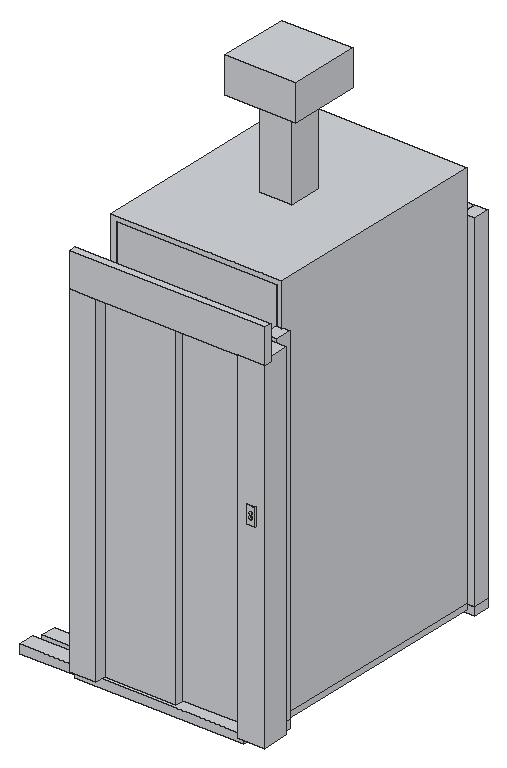
Revit family "Elevador - Entrada frontal e posterior", category Equipamento especial, Revit 2019
Family settings
  Hospedeiro = Parede
  Cota do conector redondo = Utilizar diâmetro
  Tipo de parte = Normal
  Sempre na vertical = Sim
  Corte com vazios quando carregada = Não
  Compartilhado = Não
  Ponto de cálculo do ambiente = Não
Parameters (values of type "1450 x 1760mm")
  Altura de parada [instance] = 0 mm
  Largura de abertura do poço [instance] = 1450 mm
  Profundidade de abertura do poço [instance] = 1760 mm
  Altura da última parada [instance] = 3000 mm
  Material da moldura = none
  Largura da abertura da porta = 1100 mm
  Altura da abertura da porta = 2125 mm
  Material da porta = none
  Descrição = "Elevador - Entrada frontal e posterior"
  Material da cabine = none
  Projeção da altura livre [instance] = 1700 mm
  Altura da cabine = Altura da abertura da porta + 75 mm  # 2200 mm
Reference planes
  plane 1: y = 0
  plane 2 "Centro (Esquerda/Direita)": x = 125
  plane 3 "Parte posterior": y = 75
  plane 4: z = 0
  plane 5: z = 0
  plane 6: z = 3000
  plane 7: z = 4700
  plane 8: x = -775
  plane 9: x = 675
  plane 10: y = 1835
  plane 11: x = -425
Lines and regions (mm)
  symbolic lines, style "InvisibleLines"
    curve 1: line (-775, 1835, 0) -> (675, 1835, 0)
    curve 2: line (-775, 75, 0) -> (-775, 1835, 0)
    curve 3: line (675, 1835, 0) -> (675, 75, 0)
Text (mm)
  text "Lado da colocação" at (-3123.189, 916.262, 0), in view "Nível de referência"
  text "Lado da colocação" at (0, 1605.175, 2923.955), in view "Esquerda"
  text "Lado da colocação" at (0, 595.982, 3004.978), in view "Direita"
Dimensions and locks
  locked: plane 3 "Parte posterior" to host wall at 0
  locked: plane 4 to level
  "Altura de parada": plane 4 to plane 5
  "Projeção da altura livre": plane 6 to plane 7
  "Altura da última parada": plane 4 to plane 6
  "Largura de abertura do poço": plane 8 to plane 9
  "Profundidade de abertura do poço": plane 10 to plane 3 "Parte posterior"
  equal spacing: plane 11, plane 2 "Centro (Esquerda/Direita)", plane 9
  "Largura da abertura da porta": plane 11 to plane 9
  aligned and locked: plane 1 to host wall
  aligned and locked: plane 3 "Parte posterior" to nested 1
  aligned and locked: plane 4 to nested 1
  aligned and locked: plane 8 to curve 2
  aligned and locked: curve 1 to plane 10
  aligned and locked: curve 3 to plane 9
  aligned and locked: nested 2 to nested 1
  aligned and locked: plane 2 "Centro (Esquerda/Direita)" to nested 2
Automatic sketch dimensions
  curve 2 to host wall = 0 mm
  curve 3 to host wall = 0 mm
Nested families
  nested 1: "Cabine do elevador - Entrada frontal e posterior" at (125, 75, 0), type "Cabine do elevador - Entrada frontal e posterior"
  nested 2: "Porta do elevador" at (0, 0, 0), Largura da abertura da porta <- "Largura da abertura da porta", Altura da abertura da porta <- "Altura da abertura da porta", type "Porta do elevador"
    with W1 475 mm, Largura da abertura da porta 1100 mm, Altura da abertura da porta 2125 mm
Definition of nested family "Cabine do elevador - Entrada frontal e posterior"
  Parameters
    W2 = Altura de parada + 700 mm  # 700 mm
    W1 = 0.5 * Largura da abertura da porta - 100 mm  # 450 mm
    Altura de parada = 0 mm
    Largura de abertura do poço = 1450 mm
    Profundidade de abertura do poço = 1760 mm
    Altura da última parada = 3000 mm
    Material da moldura = none
    Largura da abertura da porta = 1100 mm
    Altura da abertura da porta = 2125 mm
    Material da porta = none
    Projeção da altura livre = 1700 mm
    Material da cabine = none
    Altura da cabine = Altura da abertura da porta + 75 mm  # 2200 mm
  Reference planes
    plane 1 "Centro (Frente/Trás)": y = 0
    plane 2: z = 0
    plane 3 "Centro (Esquerda/Direita)": x = 0
    plane 4: y = 140
    plane 5: y = 1760
    plane 6: y = 1620
    plane 7: x = -900
    plane 8: x = 475
    plane 9: y = 230
    plane 10: y = 1530
    plane 11: x = -550
    plane 12: x = 550
    plane 13: x = -850
    plane 14: x = -400
    plane 15: x = 400
    plane 16: x = -500
    plane 17: x = 432
    plane 18: x = -532
    plane 19: z = 3000
    plane 20: z = 0
    plane 21: z = 4700
    plane 22: z = 2200
    plane 23: y = 1600
    plane 24: y = 1550
    plane 25: y = 1580
    plane 26: y = 1570
    plane 27: y = 160
    plane 28: y = 210
    plane 29: y = 180
    plane 30: y = 190
    plane 31: z = 1960
    plane 32: z = 32
    plane 33: z = 2168
    plane 34: z = 1930
    plane 35: y = 262
    plane 36: y = 1498
    plane 37: z = -48
    plane 38: z = -32
    plane 39: y = 1660
    plane 40: y = 100
    plane 41: z = 2900
    plane 42: y = 880
    plane 43: z = -282
    plane 44: z = 2700
    plane 45: z = -82
    plane 46: x = 150
    plane 47: x = -250
    plane 48: x = 40
    plane 49: x = -140
    plane 50: x = -50
    plane 51: x = 620.79
    plane 52: z = 4000
    plane 53: x = -779.822
    plane 54: y = 180
    plane 55: y = 1580
    plane 56: z = 5957
    plane 57: y = 1423
    plane 58: y = 943.5
    plane 59: y = 280
    plane 60: y = 1480
  Forms (mm)
    Extrusion 1, solid, material <- "Material da moldura"
      sketch origin (0, 0, 0) x (1, 0, 0) y (0, 1, 0)
        loop
          line (400, 230) -> (400, 140) -> (475, 140) -> (475, 230) -> (400, 230)
        loop
          line (400, 1620) -> (400, 1530) -> (475, 1530) -> (475, 1620) -> (400, 1620)
      from 0 to 1960
    Extrusion 2, solid, material <- "Material da porta"
      sketch origin (0, 0, 0) x (1, 0, 0) y (0, 1, 0)
        loop
          line (0, 230) -> (-400, 230) -> (-400, 190) -> (0, 190) -> (0, 230)
        loop
          line (0, 180) -> (0, 140) -> (400, 140) -> (400, 180) -> (0, 180)
        loop
          line (-400, 1570) -> (-400, 1530) -> (0, 1530) -> (0, 1570) -> (-400, 1570)
        loop
          line (400, 1580) -> (400, 1620) -> (0, 1620) -> (0, 1580) -> (400, 1580)
      from 0 to 1960
    Extrusion 3, solid, material <- "Material da cabine"
      sketch origin (0, 0, 0) x (1, 0, 0) y (0, 1, 0)
        loop
          line (-532, 1530) -> (-532, 230) -> (-500, 230) -> (-500, 1530) -> (-532, 1530)
        loop
          line (400, 1530) -> (400, 230) -> (432, 230) -> (432, 1530) -> (400, 1530)
      from 0 to 2200
    Extrusion 4, solid, material <- "Material da cabine"
      sketch origin (0, 0, 0) x (1, 0, 0) y (0, 0, 1)
        loop
          line (-532, 2168) -> (432, 2168) -> (432, 2200) -> (-532, 2200) -> (-532, 2168)
        loop
          line (-532, 0) -> (432, 0) -> (432, 32) -> (-532, 32) -> (-532, 0)
      from -1530 to -230
    Extrusion 5, solid, material <- "Material da cabine"
      sketch origin (0, 0, 0) x (0, 1, 0) y (0, 0, 1)
        loop
          line (230, 2168) -> (230, 1930) -> (262, 1930) -> (262, 2168) -> (230, 2168)
        loop
          line (1498, 2168) -> (1498, 1930) -> (1530, 1930) -> (1530, 2168) -> (1498, 2168)
      from -500 to 400
    Extrusion 6, solid, material <- "Material da moldura", detail levels medium+fine
      sketch origin (0, 0, 0) x (1, 0, 0) y (0, 1, 0)
        loop
          line (-850, 1620) -> (-850, 1530) -> (475, 1530) -> (475, 1620) -> (-850, 1620)
        loop
          line (-850, 230) -> (-850, 140) -> (475, 140) -> (475, 230) -> (-850, 230)
      from -48 to 0
    Extrusion 7, solid, material <- "Material da cabine", detail levels medium+fine
      sketch origin (0, 0, 0) x (0, 1, 0) y (0, 0, 1)
        loop
          line (230, 0) -> (230, -32) -> (1530, -32) -> (1530, 0) -> (230, 0)
      from -532 to 432
    Extrusion 8, solid, material <- "Material da moldura", detail levels coarse+medium
      sketch origin (4267.2, 880, 3892.286) x (0, 0, 1) y (1, 0, 0)
        loop
          line (-992.286, -4227.2) -> (-1692.286, -4227.2) -> (-1692.286, -4407.2) -> (-992.286, -4407.2) -> (-992.286, -4227.2)
      from -90 to 90
    Extrusion 9, solid, material <- "Material da moldura", detail levels fine
      sketch origin (4267.2, 880, 3892.286) x (0, 0, 1) y (1, 0, 0)
        loop
          line (-3924.286, -4227.2) -> (-4174.286, -4227.2) -> (-4174.286, -4407.2) -> (-3924.286, -4407.2) -> (-3924.286, -4227.2)
        loop
          line (-992.286, -4407.2) -> (-992.286, -4227.2) -> (-1692.286, -4227.2) -> (-1692.286, -4407.2) -> (-992.286, -4407.2)
      from -90 to 90
    Extrusion 10, solid, material <- "Material da moldura", detail levels fine
      sketch origin (4267.2, 880, 3892.286) x (0, 0, 1) y (1, 0, 0)
        loop
          line (-992.286, -4517.2) -> (-992.286, -4117.2) -> (-1192.286, -4117.2) -> (-1192.286, -4517.2) -> (-992.286, -4517.2)
        loop
          line (-3974.286, -4517.2) -> (-3974.286, -4117.2) -> (-4174.286, -4117.2) -> (-4174.286, -4517.2) -> (-3974.286, -4517.2)
      from -200 to 200
    Extrusion 11, solid, material <- "Material da cabine", detail levels medium
      sketch origin (4267.2, 880, 3892.286) x (0, 0, 1) y (1, 0, 0)
        loop
          line (-3924.286, -4407.2) -> (-3924.286, -4227.2) -> (-4174.286, -4227.2) -> (-4174.286, -4407.2) -> (-3924.286, -4407.2)
      from -90 to 90
    Extrusion 12, solid, material <- "Material da cabine", detail levels coarse
      sketch origin (0, 0, 0) x (1, 0, 0) y (0, 1, 0)
        loop
          line (-532, 1620) -> (-532, 140) -> (475, 140) -> (475, 230) -> (432, 230) -> (432, 1530) -> (475, 1530) -> (475, 1620) -> (-532, 1620)
      from -32 to 0
  Cuts and joins
    joined: Extrusion 9, Extrusion 10
    joined: Extrusion 3, Extrusion 4
  Lines and regions (mm)
    Masking region 1, detail levels medium+fine
      outline origin (0, 0, 0) x (1, 0, 0) y (0, 1, 0)
        loop
          line (-850, 1620) -> (-850, 1530) -> (-532, 1530) -> (-532, 230) -> (-850, 230) -> (-850, 140) -> (475, 140) -> (475, 230) -> (432, 230) -> (432, 1530) -> (475, 1530) -> (475, 1620) -> (-850, 1620)
    Masking region 2, detail levels coarse
      outline origin (0, 0, 0) x (1, 0, 0) y (0, 1, 0)
        loop
          line (-532, 1660) -> (-532, 100) -> (475, 100) -> (475, 1660) -> (-532, 1660)
    Masking region 3, detail levels fine
      outline origin (6392.684, 0, -1679.226) x (1, 0, 0) y (0, 0, 1)
        loop
          line (-5826.083, 8233.352) -> (-5961.554, 8233.352) -> (-5961.554, 8057.413) -> (-6156.497, 8057.413) -> (-6156.497, 7989.744) -> (-5961.554, 7989.744) -> (-5961.554, 7800.271) -> (-6155.416, 7800.271) -> (-6155.416, 7231.853) -> (-5771.894, 7231.853) -> (-5771.894, 7096.516) -> (-5704.159, 7096.516) -> (-5704.159, 7150.65) -> (-5622.876, 7150.65) -> (-5622.876, 7204.786) -> (-5528.046, 7204.786) -> (-5528.046, 7272.455) -> (-5622.876, 7272.455) -> (-5622.876, 7380.724) -> (-5704.159, 7380.724) -> (-5704.159, 7448.394) -> (-5771.894, 7448.394) -> (-5771.894, 7800.271) -> (-5826.083, 7800.271) -> (-5826.083, 8233.352)
        loop
          line (-7172.684, 6514.564) -> (-7225.639, 6514.564) -> (-7225.639, 6473.963) -> (-7172.684, 6473.963) -> (-7172.684, 6514.564)
        loop
          line (-5771.894, 6514.564) -> (-5771.894, 6379.226) -> (-5446.763, 6379.226) -> (-5446.763, 6408.178) -> (-5541.593, 6408.178) -> (-5541.593, 6473.963) -> (-5433.216, 6473.963) -> (-5433.216, 6514.564) -> (-5771.894, 6514.564)
        loop
          line (-7172.684, 6406.294) -> (-7225.639, 6406.294) -> (-7225.639, 6379.226) -> (-7172.684, 6379.226) -> (-7172.684, 6406.294)
    Masking region 4
      outline origin (6392.684, 0, -1679.226) x (1, 0, 0) y (0, 0, 1)
        loop
          circle (-6807.506, 7637.093) r 365
    Masking region 5, detail levels medium+fine
      outline origin (6392.684, 0, -1679.226) x (1, 0, 0) y (0, 0, 1)
        loop
          line (-5771.894, 7231.853) -> (-6534.736, 7231.853) -> (-6624.29, 7321.408)
          arc (-6624.29, 7321.408) -> (-6725.523, 7281.419) -> (-6834.046, 7273.059) r 365
          line (-6834.046, 7273.059) -> (-6927.603, 7096.516) -> (-6927.603, 6514.564) -> (-7172.684, 6514.564) -> (-7172.684, 6379.226) -> (-6492.005, 6379.226)
          arc (-6492.005, 6379.226) -> (-6277.887, 6008.475) -> (-6063.768, 6379.226) r 247.205
          line (-6063.768, 6379.226) -> (-5771.894, 6379.226) -> (-5771.894, 6676.969) -> (-5934.46, 6676.969) -> (-5934.46, 6785.239) -> (-5771.894, 6785.239) -> (-5771.894, 7231.853)
    Masking region 6, detail levels medium
      outline origin (0, 0, 0) x (1, 0, 0) y (0, 0, 1)
        loop
          line (620.79, 5106.013) -> (458.224, 5106.013) -> (458.224, 4997.743) -> (620.79, 4997.743) -> (620.79, 5106.013)
    Masking region 7, not visible, detail levels fine
      outline origin (6392.684, 0, -1263.187) x (1, 0, 0) y (0, 0, 1)
        loop
          line (-5826.083, 8233.352) -> (-5961.554, 8233.352) -> (-5961.554, 8057.413) -> (-6156.497, 8057.413) -> (-6156.497, 7989.744) -> (-5961.554, 7989.744) -> (-5961.554, 7800.271) -> (-6155.416, 7800.271) -> (-6155.416, 7231.853) -> (-5771.894, 7231.853) -> (-5771.894, 7096.516) -> (-5704.159, 7096.516) -> (-5704.159, 7150.65) -> (-5622.876, 7150.65) -> (-5622.876, 7204.786) -> (-5528.046, 7204.786) -> (-5528.046, 7272.455) -> (-5622.876, 7272.455) -> (-5622.876, 7380.724) -> (-5704.159, 7380.724) -> (-5704.159, 7448.394) -> (-5771.894, 7448.394) -> (-5771.894, 7800.271) -> (-5826.083, 7800.271) -> (-5826.083, 8233.352)
        loop
          line (-7172.684, 6514.564) -> (-7225.639, 6514.564) -> (-7225.639, 6473.963) -> (-7172.684, 6473.963) -> (-7172.684, 6514.564)
        loop
          line (-5771.894, 6514.564) -> (-5771.894, 6379.226) -> (-5446.763, 6379.226) -> (-5446.763, 6408.178) -> (-5541.593, 6408.178) -> (-5541.593, 6473.963) -> (-5433.216, 6473.963) -> (-5433.216, 6514.564) -> (-5771.894, 6514.564)
        loop
          line (-7172.684, 6406.294) -> (-7225.639, 6406.294) -> (-7225.639, 6379.226) -> (-7172.684, 6379.226) -> (-7172.684, 6406.294)
    Masking region 8, not visible
      outline origin (6392.684, 0, -1263.187) x (1, 0, 0) y (0, 0, 1)
        loop
          circle (-6807.506, 7637.093) r 365
    Masking region 9, not visible, detail levels medium+fine
      outline origin (6392.684, 0, -1263.187) x (1, 0, 0) y (0, 0, 1)
        loop
          line (-5771.894, 7231.853) -> (-6534.736, 7231.853) -> (-6624.29, 7321.408)
          arc (-6624.29, 7321.408) -> (-6725.523, 7281.419) -> (-6834.046, 7273.059) r 365
          line (-6834.046, 7273.059) -> (-6927.603, 7096.516) -> (-6927.603, 6514.564) -> (-7172.684, 6514.564) -> (-7172.684, 6379.226) -> (-6492.005, 6379.226)
          arc (-6492.005, 6379.226) -> (-6277.887, 6008.475) -> (-6063.768, 6379.226) r 247.205
          line (-6063.768, 6379.226) -> (-5771.894, 6379.226) -> (-5771.894, 6676.969) -> (-5934.46, 6676.969) -> (-5934.46, 6785.239) -> (-5771.894, 6785.239) -> (-5771.894, 7231.853)
    Masking region 10, not visible, detail levels medium
      outline origin (0, 0, 416.04) x (1, 0, 0) y (0, 0, 1)
        loop
          line (620.79, 5106.013) -> (458.224, 5106.013) -> (458.224, 4997.743) -> (620.79, 4997.743) -> (620.79, 5106.013)
    Masking region 11
      outline origin (0, 0, 0) x (1, 0, 0) y (0, 0, 1)
        loop
          line (-734.822, 4000) -> (-824.822, 4000) -> (-824.822, 1900) -> (-734.822, 1900) -> (-734.822, 4000)
    Masking region 12
      outline origin (0, 0, 0) x (0, 1, 0) y (0, 0, 1)
        loop
          line (180, 6322) -> (180, 5592) -> (1580, 5592) -> (1580, 6322) -> (180, 6322)
    Masking region 13, detail levels medium+fine
      outline origin (0, 0, 0) x (0, 1, 0) y (0, 0, 1)
        loop
          line (280, 5592) -> (280, 4835) -> (180, 4835) -> (180, 4700) -> (1580, 4700) -> (1580, 4835) -> (1480, 4835) -> (1480, 5592) -> (280, 5592)
    Masking region 14
      outline origin (-3732.195, 10.564, 0) x (1, 0, 0) y (0, 1, 0)
        loop
          line (2832.195, 1412.436) -> (2832.195, 326.436) -> (3091.195, 326.436) -> (3091.195, 1412.436) -> (2832.195, 1412.436)
    Masking region 15, not visible
      outline origin (0, 0, 0) x (1, 0, 0) y (0, 1, 0)
        loop
          line (2832.195, 1412.436) -> (2832.195, 326.436) -> (3091.195, 326.436) -> (3091.195, 1412.436) -> (2832.195, 1412.436)
    Masking region 16, detail levels fine
      outline origin (525.132, 229.888, 0) x (1, 0, 0) y (0, 1, 0)
        loop
          line (-1146.132, 691.112) -> (-1146.132, 609.112) -> (-1138.132, 609.112) -> (-1138.132, 645.612) -> (-1075.482, 645.612) -> (-1075.482, 636.612) -> (-1105.482, 636.612) -> (-1105.482, 630.612) -> (-1075.482, 630.612) -> (-1075.482, 600.112) -> (-1066.132, 600.112) -> (-1066.132, 591.612) -> (-1111.132, 591.612) -> (-1111.132, 586.612) -> (-1057.132, 586.612) -> (-1057.132, 713.612) -> (-1111.132, 713.612) -> (-1111.132, 708.612) -> (-1066.132, 708.612) -> (-1066.132, 700.112) -> (-1075.482, 700.112) -> (-1075.482, 669.612) -> (-1105.482, 669.612) -> (-1105.482, 663.612) -> (-1075.482, 663.612) -> (-1075.482, 654.612) -> (-1138.132, 654.612) -> (-1138.132, 691.112) -> (-1146.132, 691.112)
    Masking region 17, detail levels fine
      outline origin (-625.132, 229.888, 0) x (0, 1, 0) y (-1, 0, 0)
        loop
          line (691.112, -1146.132) -> (691.112, -1138.132) -> (654.612, -1138.132) -> (654.612, -1075.482) -> (663.612, -1075.482) -> (663.612, -1105.482) -> (669.612, -1105.482) -> (669.612, -1075.482) -> (700.112, -1075.482) -> (700.112, -1066.132) -> (708.612, -1066.132) -> (708.612, -1111.132) -> (713.612, -1111.132) -> (713.612, -1057.132) -> (586.612, -1057.132) -> (586.612, -1111.132) -> (591.612, -1111.132) -> (591.612, -1066.132) -> (600.112, -1066.132) -> (600.112, -1075.482) -> (630.612, -1075.482) -> (630.612, -1105.482) -> (636.612, -1105.482) -> (636.612, -1075.482) -> (645.612, -1075.482) -> (645.612, -1138.132) -> (609.112, -1138.132) -> (609.112, -1146.132) -> (691.112, -1146.132)
    Masking region 18, not visible, detail levels fine
      outline origin (0, 0, 0) x (1, 0, 0) y (0, 1, 0)
        loop
          line (-1146.132, 691.112) -> (-1146.132, 609.112) -> (-1138.132, 609.112) -> (-1138.132, 645.612) -> (-1075.482, 645.612) -> (-1075.482, 636.612) -> (-1105.482, 636.612) -> (-1105.482, 630.612) -> (-1075.482, 630.612) -> (-1075.482, 600.112) -> (-1066.132, 600.112) -> (-1066.132, 591.612) -> (-1111.132, 591.612) -> (-1111.132, 586.612) -> (-1057.132, 586.612) -> (-1057.132, 713.612) -> (-1111.132, 713.612) -> (-1111.132, 708.612) -> (-1066.132, 708.612) -> (-1066.132, 700.112) -> (-1075.482, 700.112) -> (-1075.482, 669.612) -> (-1105.482, 669.612) -> (-1105.482, 663.612) -> (-1075.482, 663.612) -> (-1075.482, 654.612) -> (-1138.132, 654.612) -> (-1138.132, 691.112) -> (-1146.132, 691.112)
    Masking region 19, not visible, detail levels fine
      outline origin (-2082.973, 0, 0) x (0, 1, 0) y (-1, 0, 0)
        loop
          line (691.112, -1146.132) -> (691.112, -1138.132) -> (654.612, -1138.132) -> (654.612, -1075.482) -> (663.612, -1075.482) -> (663.612, -1105.482) -> (669.612, -1105.482) -> (669.612, -1075.482) -> (700.112, -1075.482) -> (700.112, -1066.132) -> (708.612, -1066.132) -> (708.612, -1111.132) -> (713.612, -1111.132) -> (713.612, -1057.132) -> (586.612, -1057.132) -> (586.612, -1111.132) -> (591.612, -1111.132) -> (591.612, -1066.132) -> (600.112, -1066.132) -> (600.112, -1075.482) -> (630.612, -1075.482) -> (630.612, -1105.482) -> (636.612, -1105.482) -> (636.612, -1075.482) -> (645.612, -1075.482) -> (645.612, -1138.132) -> (609.112, -1138.132) -> (609.112, -1146.132) -> (691.112, -1146.132)
    symbolic lines, detail levels medium+fine
      curve 1: line (400, 140, 0) -> (0, 140, 0)
      curve 2: line (0, 140, 0) -> (0, 180, 0)
      curve 3: line (0, 180, 0) -> (400, 180, 0)
      curve 4: line (400, 180, 0) -> (400, 140, 0)
      curve 5: line (0, 190, 0) -> (-400, 190, 0)
      curve 6: line (-400, 190, 0) -> (-400, 230, 0)
      curve 7: line (-400, 230, 0) -> (0, 230, 0)
      curve 8: line (0, 230, 0) -> (0, 190, 0)
      curve 9: line (475, 230, 0) -> (400, 230, 0)
      curve 10: line (400, 230, 0) -> (400, 140, 0)
      curve 11: line (400, 140, 0) -> (475, 140, 0)
      curve 12: line (475, 140, 0) -> (475, 230, 0)
      curve 13: line (400, 1620, 0) -> (0, 1620, 0)
      curve 14: line (0, 1620, 0) -> (0, 1580, 0)
      curve 15: line (0, 1580, 0) -> (400, 1580, 0)
      curve 16: line (400, 1580, 0) -> (400, 1620, 0)
      curve 17: line (0, 1570, 0) -> (-400, 1570, 0)
      curve 18: line (-400, 1570, 0) -> (-400, 1530, 0)
      curve 19: line (-400, 1530, 0) -> (0, 1530, 0)
      curve 20: line (0, 1530, 0) -> (0, 1570, 0)
      curve 21: line (475, 1530, 0) -> (400, 1530, 0)
      curve 22: line (400, 1530, 0) -> (400, 1620, 0)
      curve 23: line (400, 1620, 0) -> (475, 1620, 0)
      curve 24: line (475, 1620, 0) -> (475, 1530, 0)
      curve 29: line (-850, 230, 0) -> (-400, 230, 0)
      curve 30: line (-850, 230, 0) -> (-850, 140, 0)
      curve 31: line (-850, 140, 0) -> (0, 140, 0)
      curve 32: line (400, 1530, 0) -> (0, 1530, 0)
      curve 33: line (-850, 1530, 0) -> (-400, 1530, 0)
      curve 34: line (-850, 1530, 0) -> (-850, 1620, 0)
      curve 35: line (-850, 1620, 0) -> (0, 1620, 0)
      curve 36: line (0, 230, 0) -> (400, 230, 0)
      curve 37: line (-532, 230, 0) -> (-532, 1530, 0)
      curve 38: line (432, 1530, 0) -> (432, 230, 0)
      curve 45: circle (-89.546, 0, 5239.915) r 247.205 normal (0, 1, 0)
      curve 46: circle (114.798, 0, 4576.454) r 247.205 normal (0, 1, 0)
      curve 51: line (-824.822, 0, 3765) -> (-734.822, 0, 3765)
      curve 52: line (-440.837, 0, 5594.823) -> (-534.918, 0, 5417.289)
      curve 53: line (-534.918, 0, 5417.289) -> (-534.918, 0, 4835.338)
      curve 54: line (-534.918, 0, 4835.338) -> (-780, 0, 4835.338)
      curve 61: line (328.916, 0, 4700) -> (620.79, 0, 4700)
      curve 95: line (237.268, 0, 5552.627) -> (-142.051, 0, 5552.627)
      curve 96: line (-142.051, 0, 5552.627) -> (-231.606, 0, 5642.182)
      curve 99: line (26.956, 0, 5021.883) -> (-114.674, 0, 4668.395)
      curve 100: line (-63.38, 0, 6056.423) -> (154.432, 0, 5279.726)
      curve 105: line (-780, 0, 4700) -> (-99.321, 0, 4700)
      curve 107: line (-50, 0, 2900) -> (-50, 0, 4392.193)
      curve 169: line (-779.822, 0, 4000) -> (-779.822, 0, 3565)
      curve 174: line (0, 280, 5553) -> (0, 1480, 5553)
      curve 175: line (0, 180, 4835) -> (0, 1580, 4835)
      curve 176: line (0, 180, 4835) -> (0, 180, 4700)
      curve 177: line (0, 180, 4700) -> (0, 1580, 4700)
      curve 178: line (0, 1580, 4700) -> (0, 1580, 4835)
      curve 179: line (0, 280, 5592) -> (0, 280, 4835)
      curve 180: line (0, 1480, 5592) -> (0, 1480, 4835)
      curve 186: line (-900, 1373, 0) -> (-691, 1373, 0)
      curve 187: line (-691, 1373, 0) -> (-691, 387, 0)
      curve 188: line (-691, 387, 0) -> (-900, 387, 0)
      curve 192: line (-874, 434, 0) -> (-874, 1326, 0)
      curve 195: line (-711, 434, 0) -> (-711, 1326, 0)
      curve 199: line (-781.994, 381.856, 0) -> (-781.994, 1402.796, 0)
    symbolic lines, detail levels fine
      curve 25: line (0, 160, 0) -> (-850, 160, 0)
      curve 26: line (-400, 210, 0) -> (-850, 210, 0)
      curve 27: line (0, 1600, 0) -> (-850, 1600, 0)
      curve 28: line (-400, 1550, 0) -> (-850, 1550, 0)
      curve 39: line (400, 1530, 0) -> (400, 230, 0)
      curve 40: line (-500, 1530, 0) -> (-500, 230, 0)
      curve 55: line (-832.955, 0, 4835.338) -> (-832.955, 0, 4794.736)
      curve 56: line (-832.955, 0, 4794.736) -> (-780, 0, 4794.736)
      curve 57: line (-780, 0, 4794.736) -> (-780, 0, 4727.067)
      curve 58: line (-780, 0, 4727.067) -> (-832.955, 0, 4727.067)
      curve 59: line (-832.955, 0, 4727.067) -> (-832.955, 0, 4700)
      curve 60: line (-832.955, 0, 4700) -> (-780, 0, 4700)
      curve 62: line (945.921, 0, 4700) -> (945.921, 0, 4728.952)
      curve 63: line (945.921, 0, 4728.952) -> (851.091, 0, 4728.952)
      curve 64: line (851.091, 0, 4728.952) -> (851.091, 0, 4794.736)
      curve 65: line (851.091, 0, 4794.736) -> (959.468, 0, 4794.736)
      curve 66: line (959.468, 0, 4794.736) -> (959.468, 0, 4835.338)
      curve 67: line (959.468, 0, 4835.338) -> (620.79, 0, 4835.338)
      curve 68: line (620.79, 0, 4835.338) -> (620.79, 0, 4997.743)
      curve 69: line (620.79, 0, 4997.743) -> (458.224, 0, 4997.743)
      curve 70: line (458.224, 0, 4997.743) -> (458.224, 0, 5106.013)
      curve 71: line (458.224, 0, 5106.013) -> (620.79, 0, 5106.013)
      curve 72: line (620.79, 0, 5106.013) -> (620.79, 0, 5417.289)
      curve 73: line (620.79, 0, 5417.289) -> (688.526, 0, 5417.289)
      curve 74: line (688.526, 0, 5417.289) -> (688.526, 0, 5471.424)
      curve 75: line (688.526, 0, 5471.424) -> (769.808, 0, 5471.424)
      curve 76: line (769.808, 0, 5471.424) -> (769.808, 0, 5525.559)
      curve 77: line (769.808, 0, 5525.559) -> (864.638, 0, 5525.559)
      curve 78: line (864.638, 0, 5525.559) -> (864.638, 0, 5593.228)
      curve 79: line (864.638, 0, 5593.228) -> (769.808, 0, 5593.228)
      curve 80: line (769.808, 0, 5593.228) -> (769.808, 0, 5701.498)
      curve 81: line (769.808, 0, 5701.498) -> (688.526, 0, 5701.498)
      curve 82: line (688.526, 0, 5701.498) -> (688.526, 0, 5769.167)
      curve 83: line (688.526, 0, 5769.167) -> (620.79, 0, 5769.167)
      curve 84: line (620.79, 0, 5769.167) -> (620.79, 0, 6121.045)
      curve 85: line (620.79, 0, 6121.045) -> (566.601, 0, 6121.045)
      curve 86: line (566.601, 0, 6121.045) -> (566.601, 0, 6554.125)
      curve 87: line (566.601, 0, 6554.125) -> (431.13, 0, 6554.125)
      curve 88: line (431.13, 0, 6554.125) -> (431.13, 0, 6378.186)
      curve 89: line (431.13, 0, 6378.186) -> (236.187, 0, 6378.186)
      curve 90: line (236.187, 0, 6378.186) -> (236.187, 0, 6310.517)
      curve 91: line (236.187, 0, 6310.517) -> (431.13, 0, 6310.517)
      curve 92: line (431.13, 0, 6310.517) -> (431.13, 0, 6121.045)
      curve 93: line (431.13, 0, 6121.045) -> (237.268, 0, 6121.045)
      curve 94: line (237.268, 0, 6121.045) -> (237.268, 0, 5552.627)
      curve 97: line (945.921, 0, 4700) -> (905.279, 0, 4700)
      curve 98: line (905.279, 0, 4700) -> (851.091, 0, 4700)
      curve 103: line (620.79, 0, 4700) -> (945.921, 0, 4700)
      curve 104: line (-780, 0, 4835.338) -> (-832.955, 0, 4835.338)
      curve 189: line (-874, 1326, 0) -> (-802.5, 1326, 0)
      curve 190: line (-802.5, 1326, 0) -> (-802.5, 434, 0)
      curve 191: line (-802.5, 434, 0) -> (-874, 434, 0)
      curve 193: line (-761.5, 1326, 0) -> (-761.5, 434, 0)
      curve 194: line (-761.5, 434, 0) -> (-711, 434, 0)
      curve 196: line (-711, 1326, 0) -> (-761.5, 1326, 0)
      curve 197: line (-761.5, 474, 0) -> (-802.5, 474, 0)
      curve 198: line (-761.5, 1286, 0) -> (-802.5, 1286, 0)
      curve 222: line (-541, 938.5, 0) -> (-541, 821.5, 0)
      curve 223: line (-541, 821.5, 0) -> (-586, 821.5, 0)
      curve 224: line (-586, 821.5, 0) -> (-586, 816.5, 0)
      curve 225: line (-586, 816.5, 0) -> (-532, 816.5, 0)
      curve 226: line (-532, 816.5, 0) -> (-532, 943.5, 0)
      curve 227: line (-532, 943.5, 0) -> (-586, 943.5, 0)
      curve 228: line (-586, 943.5, 0) -> (-586, 938.5, 0)
      curve 229: line (-586, 938.5, 0) -> (-541, 938.5, 0)
      curve 230: line (-541, 930, 0) -> (-550.35, 930, 0)
      curve 231: line (-550.35, 930, 0) -> (-550.35, 899.5, 0)
      curve 232: line (-550.35, 899.5, 0) -> (-580.35, 899.5, 0)
      curve 233: line (-580.35, 899.5, 0) -> (-580.35, 893.5, 0)
      curve 234: line (-580.35, 893.5, 0) -> (-550.35, 893.5, 0)
      curve 235: line (-550.35, 893.5, 0) -> (-550.35, 866.5, 0)
      curve 236: line (-550.35, 866.5, 0) -> (-580.35, 866.5, 0)
      curve 237: line (-580.35, 866.5, 0) -> (-580.35, 860.5, 0)
      curve 238: line (-580.35, 860.5, 0) -> (-550.35, 860.5, 0)
      curve 239: line (-621, 839, 0) -> (-613, 839, 0)
      curve 240: line (-613, 839, 0) -> (-613, 875.5, 0)
      curve 241: line (-613, 875.5, 0) -> (-550.35, 875.5, 0)
      curve 242: line (-550.35, 884.5, 0) -> (-613, 884.5, 0)
      curve 243: line (-613, 884.5, 0) -> (-613, 921, 0)
      curve 244: line (-613, 921, 0) -> (-621, 921, 0)
      curve 245: line (-621, 921, 0) -> (-621, 839, 0)
      curve 246: line (-550.35, 860.5, 0) -> (-550.35, 830, 0)
      curve 247: line (-550.35, 830, 0) -> (-541, 830, 0)
      curve 248: line (441, 938.5, 0) -> (441, 821.5, 0)
      curve 249: line (441, 821.5, 0) -> (486, 821.5, 0)
      curve 250: line (486, 821.5, 0) -> (486, 816.5, 0)
      curve 251: line (486, 816.5, 0) -> (432, 816.5, 0)
      curve 252: line (432, 816.5, 0) -> (432, 943.5, 0)
      curve 253: line (432, 943.5, 0) -> (486, 943.5, 0)
      curve 254: line (486, 943.5, 0) -> (486, 938.5, 0)
      curve 255: line (486, 938.5, 0) -> (441, 938.5, 0)
      curve 256: line (441, 930, 0) -> (450.35, 930, 0)
      curve 257: line (450.35, 930, 0) -> (450.35, 899.5, 0)
      curve 258: line (450.35, 899.5, 0) -> (480.35, 899.5, 0)
      curve 259: line (480.35, 899.5, 0) -> (480.35, 893.5, 0)
      curve 260: line (480.35, 893.5, 0) -> (450.35, 893.5, 0)
      curve 261: line (450.35, 893.5, 0) -> (450.35, 866.5, 0)
      curve 262: line (450.35, 866.5, 0) -> (480.35, 866.5, 0)
      curve 263: line (480.35, 866.5, 0) -> (480.35, 860.5, 0)
      curve 264: line (480.35, 860.5, 0) -> (450.35, 860.5, 0)
      curve 265: line (521, 839, 0) -> (513, 839, 0)
      curve 266: line (513, 839, 0) -> (513, 875.5, 0)
      curve 267: line (513, 875.5, 0) -> (450.35, 875.5, 0)
      curve 268: line (450.35, 884.5, 0) -> (513, 884.5, 0)
      curve 269: line (513, 884.5, 0) -> (513, 921, 0)
      curve 270: line (513, 921, 0) -> (521, 921, 0)
      curve 271: line (521, 921, 0) -> (521, 839, 0)
      curve 272: line (450.35, 860.5, 0) -> (450.35, 830, 0)
      curve 273: line (450.35, 830, 0) -> (441, 830, 0)
      curve 326: line (-816.994, 1354.191, 0) -> (-746.994, 1354.191, 0)
      curve 327: line (-746.994, 1354.191, 0) -> (-746.994, 1347.191, 0)
      curve 328: line (-816.994, 1347.191, 0) -> (-787.994, 1347.191, 0)
      curve 329: line (-787.994, 1347.191, 0) -> (-787.994, 1298, 0)
      curve 330: line (-775.994, 1347.191, 0) -> (-775.994, 1298, 0)
      curve 331: line (-787.994, 1298, 0) -> (-775.994, 1298, 0)
      curve 332: line (-816.994, 1354.191, 0) -> (-816.994, 1347.191, 0)
      curve 333: line (-775.994, 1347.191, 0) -> (-746.994, 1347.191, 0)
      curve 334: line (-816.994, 405.809, 0) -> (-746.994, 405.809, 0)
      curve 335: line (-746.994, 405.809, 0) -> (-746.994, 412.809, 0)
      curve 336: line (-816.994, 412.809, 0) -> (-787.994, 412.809, 0)
      curve 337: line (-787.994, 412.809, 0) -> (-787.994, 462, 0)
      curve 338: line (-775.994, 412.809, 0) -> (-775.994, 462, 0)
      curve 339: line (-787.994, 462, 0) -> (-775.994, 462, 0)
      curve 340: line (-816.994, 405.809, 0) -> (-816.994, 412.809, 0)
      curve 341: line (-775.994, 412.809, 0) -> (-746.994, 412.809, 0)
    symbolic lines, detail levels coarse
      curve 41: line (-532, 1660, 0) -> (475, 1660, 0)
      curve 42: line (-532, 100, 0) -> (-532, 1660, 0)
      curve 43: line (475, 100, 0) -> (-532, 100, 0)
      curve 44: line (475, 1660, 0) -> (475, 100, 0)
      curve 167: line (-50, 0, 5957.867) -> (-50, 0, 2900)
    symbolic lines
      curve 47: line (-824.822, 0, 1900) -> (-734.822, 0, 1900)
      curve 48: line (-734.822, 0, 1900) -> (-734.822, 0, 4000)
      curve 49: line (-734.822, 0, 4000) -> (-824.822, 0, 4000)
      curve 50: line (-824.822, 0, 4000) -> (-824.822, 0, 1900)
      curve 108: circle (-414.822, 0, 5957.867) r 365 normal (0, -1, 0)
      curve 168: line (-779.822, 0, 5957.867) -> (-779.822, 0, 4000)
      curve 170: line (0, 180, 6322) -> (0, 1580, 6322)
      curve 171: line (0, 180, 5592) -> (0, 180, 6322)
      curve 172: line (0, 1580, 5592) -> (0, 180, 5592)
      curve 173: line (0, 1580, 6322) -> (0, 1580, 5592)
      curve 181: line (0, 880, 6322) -> (0, 880, 2900)
      curve 182: line (-900, 337, 0) -> (-900, 1423, 0)
      curve 183: line (-900, 1423, 0) -> (-641, 1423, 0)
      curve 184: line (-641, 1423, 0) -> (-641, 337, 0)
      curve 185: line (-641, 337, 0) -> (-900, 337, 0)
    symbolic lines, detail levels medium
      curve 101: line (237.268, 0, 5552.627) -> (620.79, 0, 5552.627)
      curve 102: line (620.79, 0, 5552.627) -> (620.79, 0, 4700)
      curve 106: line (-780, 0, 4835.338) -> (-780, 0, 4700)
      curve 200: line (-874, 1326, 0) -> (-711, 1326, 0)
      curve 201: line (-711, 434, 0) -> (-874, 434, 0)
    symbolic lines, not visible, detail levels medium+fine
      curve 109: circle (-89.546, 0, 5655.954) r 247.205 normal (0, 1, 0)
      curve 110: circle (114.798, 0, 4992.494) r 247.205 normal (0, 1, 0)
      curve 111: line (-440.837, 0, 6010.863) -> (-534.918, 0, 5833.329)
      curve 112: line (-534.918, 0, 5833.329) -> (-534.918, 0, 5251.377)
      curve 113: line (-534.918, 0, 5251.377) -> (-780, 0, 5251.377)
      curve 120: line (328.916, 0, 5116.04) -> (620.79, 0, 5116.04)
      curve 154: line (237.268, 0, 5968.667) -> (-142.051, 0, 5968.667)
      curve 155: line (-142.051, 0, 5968.667) -> (-231.606, 0, 6058.222)
      curve 158: line (26.956, 0, 5437.923) -> (-114.674, 0, 5084.435)
      curve 159: line (-63.38, 0, 6472.463) -> (154.432, 0, 5695.766)
      curve 164: line (-780, 0, 5116.04) -> (-99.321, 0, 5116.04)
      curve 206: line (2832.195, 1362.436, 0) -> (3041.195, 1362.436, 0)
      curve 207: line (3041.195, 1362.436, 0) -> (3041.195, 376.436, 0)
      curve 208: line (3041.195, 376.436, 0) -> (2832.195, 376.436, 0)
      curve 212: line (2858.195, 423.436, 0) -> (2858.195, 1315.436, 0)
      curve 215: line (3021.195, 423.436, 0) -> (3021.195, 1315.436, 0)
      curve 219: line (2950.201, 371.292, 0) -> (2950.201, 1392.233, 0)
    symbolic lines, not visible, detail levels fine
      curve 114: line (-832.955, 0, 5251.377) -> (-832.955, 0, 5210.776)
      curve 115: line (-832.955, 0, 5210.776) -> (-780, 0, 5210.776)
      curve 116: line (-780, 0, 5210.776) -> (-780, 0, 5143.107)
      curve 117: line (-780, 0, 5143.107) -> (-832.955, 0, 5143.107)
      curve 118: line (-832.955, 0, 5143.107) -> (-832.955, 0, 5116.04)
      curve 119: line (-832.955, 0, 5116.04) -> (-780, 0, 5116.04)
      curve 121: line (945.921, 0, 5116.04) -> (945.921, 0, 5144.991)
      curve 122: line (945.921, 0, 5144.991) -> (851.091, 0, 5144.991)
      curve 123: line (851.091, 0, 5144.991) -> (851.091, 0, 5210.776)
      curve 124: line (851.091, 0, 5210.776) -> (959.468, 0, 5210.776)
      curve 125: line (959.468, 0, 5210.776) -> (959.468, 0, 5251.377)
      curve 126: line (959.468, 0, 5251.377) -> (620.79, 0, 5251.377)
      curve 127: line (620.79, 0, 5251.377) -> (620.79, 0, 5413.782)
      curve 128: line (620.79, 0, 5413.782) -> (458.224, 0, 5413.782)
      curve 129: line (458.224, 0, 5413.782) -> (458.224, 0, 5522.053)
      curve 130: line (458.224, 0, 5522.053) -> (620.79, 0, 5522.053)
      curve 131: line (620.79, 0, 5522.053) -> (620.79, 0, 5833.329)
      curve 132: line (620.79, 0, 5833.329) -> (688.526, 0, 5833.329)
      curve 133: line (688.526, 0, 5833.329) -> (688.526, 0, 5887.464)
      curve 134: line (688.526, 0, 5887.464) -> (769.808, 0, 5887.464)
      curve 135: line (769.808, 0, 5887.464) -> (769.808, 0, 5941.599)
      curve 136: line (769.808, 0, 5941.599) -> (864.638, 0, 5941.599)
      curve 137: line (864.638, 0, 5941.599) -> (864.638, 0, 6009.268)
      curve 138: line (864.638, 0, 6009.268) -> (769.808, 0, 6009.268)
      curve 139: line (769.808, 0, 6009.268) -> (769.808, 0, 6117.538)
      curve 140: line (769.808, 0, 6117.538) -> (688.526, 0, 6117.538)
      curve 141: line (688.526, 0, 6117.538) -> (688.526, 0, 6185.207)
      curve 142: line (688.526, 0, 6185.207) -> (620.79, 0, 6185.207)
      curve 143: line (620.79, 0, 6185.207) -> (620.79, 0, 6537.085)
      curve 144: line (620.79, 0, 6537.085) -> (566.601, 0, 6537.085)
      curve 145: line (566.601, 0, 6537.085) -> (566.601, 0, 6970.165)
      curve 146: line (566.601, 0, 6970.165) -> (431.13, 0, 6970.165)
      curve 147: line (431.13, 0, 6970.165) -> (431.13, 0, 6794.226)
      curve 148: line (431.13, 0, 6794.226) -> (236.187, 0, 6794.226)
      curve 149: line (236.187, 0, 6794.226) -> (236.187, 0, 6726.557)
      curve 150: line (236.187, 0, 6726.557) -> (431.13, 0, 6726.557)
      curve 151: line (431.13, 0, 6726.557) -> (431.13, 0, 6537.085)
      curve 152: line (431.13, 0, 6537.085) -> (237.268, 0, 6537.085)
      curve 153: line (237.268, 0, 6537.085) -> (237.268, 0, 5968.667)
      curve 156: line (945.921, 0, 5116.04) -> (905.279, 0, 5116.04)
      curve 157: line (905.279, 0, 5116.04) -> (851.091, 0, 5116.04)
      curve 162: line (620.79, 0, 5116.04) -> (945.921, 0, 5116.04)
      curve 163: line (-780, 0, 5251.377) -> (-832.955, 0, 5251.377)
      curve 209: line (2858.195, 1315.436, 0) -> (2929.695, 1315.436, 0)
      curve 210: line (2929.695, 1315.436, 0) -> (2929.695, 423.436, 0)
      curve 211: line (2929.695, 423.436, 0) -> (2858.195, 423.436, 0)
      curve 213: line (2970.695, 1315.436, 0) -> (2970.695, 423.436, 0)
      curve 214: line (2970.695, 423.436, 0) -> (3021.195, 423.436, 0)
      curve 216: line (3021.195, 1315.436, 0) -> (2970.695, 1315.436, 0)
      curve 217: line (2970.695, 463.436, 0) -> (2929.695, 463.436, 0)
      curve 218: line (2970.695, 1275.436, 0) -> (2929.695, 1275.436, 0)
      curve 274: line (-1066.132, 708.612, 0) -> (-1066.132, 591.612, 0)
      curve 275: line (-1066.132, 591.612, 0) -> (-1111.132, 591.612, 0)
      curve 276: line (-1111.132, 591.612, 0) -> (-1111.132, 586.612, 0)
      curve 277: line (-1111.132, 586.612, 0) -> (-1057.132, 586.612, 0)
      curve 278: line (-1057.132, 586.612, 0) -> (-1057.132, 713.612, 0)
      curve 279: line (-1057.132, 713.612, 0) -> (-1111.132, 713.612, 0)
      curve 280: line (-1111.132, 713.612, 0) -> (-1111.132, 708.612, 0)
      curve 281: line (-1111.132, 708.612, 0) -> (-1066.132, 708.612, 0)
      curve 282: line (-1066.132, 700.112, 0) -> (-1075.482, 700.112, 0)
      curve 283: line (-1075.482, 700.112, 0) -> (-1075.482, 669.612, 0)
      curve 284: line (-1075.482, 669.612, 0) -> (-1105.482, 669.612, 0)
      curve 285: line (-1105.482, 669.612, 0) -> (-1105.482, 663.612, 0)
      curve 286: line (-1105.482, 663.612, 0) -> (-1075.482, 663.612, 0)
      curve 287: line (-1075.482, 663.612, 0) -> (-1075.482, 636.612, 0)
      curve 288: line (-1075.482, 636.612, 0) -> (-1105.482, 636.612, 0)
      curve 289: line (-1105.482, 636.612, 0) -> (-1105.482, 630.612, 0)
      curve 290: line (-1105.482, 630.612, 0) -> (-1075.482, 630.612, 0)
      curve 291: line (-1146.132, 609.112, 0) -> (-1138.132, 609.112, 0)
      curve 292: line (-1138.132, 609.112, 0) -> (-1138.132, 645.612, 0)
      curve 293: line (-1138.132, 645.612, 0) -> (-1075.482, 645.612, 0)
      curve 294: line (-1075.482, 654.612, 0) -> (-1138.132, 654.612, 0)
      curve 295: line (-1138.132, 654.612, 0) -> (-1138.132, 691.112, 0)
      curve 296: line (-1138.132, 691.112, 0) -> (-1146.132, 691.112, 0)
      curve 297: line (-1146.132, 691.112, 0) -> (-1146.132, 609.112, 0)
      curve 298: line (-1075.482, 630.612, 0) -> (-1075.482, 600.112, 0)
      curve 299: line (-1075.482, 600.112, 0) -> (-1066.132, 600.112, 0)
      curve 300: line (-1016.841, 708.612, 0) -> (-1016.841, 591.612, 0)
      curve 301: line (-1016.841, 591.612, 0) -> (-971.841, 591.612, 0)
      curve 302: line (-971.841, 591.612, 0) -> (-971.841, 586.612, 0)
      curve 303: line (-971.841, 586.612, 0) -> (-1025.841, 586.612, 0)
      curve 304: line (-1025.841, 586.612, 0) -> (-1025.841, 713.612, 0)
      curve 305: line (-1025.841, 713.612, 0) -> (-971.841, 713.612, 0)
      curve 306: line (-971.841, 713.612, 0) -> (-971.841, 708.612, 0)
      curve 307: line (-971.841, 708.612, 0) -> (-1016.841, 708.612, 0)
      curve 308: line (-1016.841, 700.112, 0) -> (-1007.491, 700.112, 0)
      curve 309: line (-1007.491, 700.112, 0) -> (-1007.491, 669.612, 0)
      curve 310: line (-1007.491, 669.612, 0) -> (-977.491, 669.612, 0)
      curve 311: line (-977.491, 669.612, 0) -> (-977.491, 663.612, 0)
      curve 312: line (-977.491, 663.612, 0) -> (-1007.491, 663.612, 0)
      curve 313: line (-1007.491, 663.612, 0) -> (-1007.491, 636.612, 0)
      curve 314: line (-1007.491, 636.612, 0) -> (-977.491, 636.612, 0)
      curve 315: line (-977.491, 636.612, 0) -> (-977.491, 630.612, 0)
      curve 316: line (-977.491, 630.612, 0) -> (-1007.491, 630.612, 0)
      curve 317: line (-936.841, 609.112, 0) -> (-944.841, 609.112, 0)
      curve 318: line (-944.841, 609.112, 0) -> (-944.841, 645.612, 0)
      curve 319: line (-944.841, 645.612, 0) -> (-1007.491, 645.612, 0)
      curve 320: line (-1007.491, 654.612, 0) -> (-944.841, 654.612, 0)
      curve 321: line (-944.841, 654.612, 0) -> (-944.841, 691.112, 0)
      curve 322: line (-944.841, 691.112, 0) -> (-936.841, 691.112, 0)
      curve 323: line (-936.841, 691.112, 0) -> (-936.841, 609.112, 0)
      curve 324: line (-1007.491, 630.612, 0) -> (-1007.491, 600.112, 0)
      curve 325: line (-1007.491, 600.112, 0) -> (-1016.841, 600.112, 0)
      curve 342: line (2915.201, 1343.627, 0) -> (2985.201, 1343.627, 0)
      curve 343: line (2985.201, 1343.627, 0) -> (2985.201, 1336.627, 0)
      curve 344: line (2915.201, 1336.627, 0) -> (2944.201, 1336.627, 0)
      curve 345: line (2944.201, 1336.627, 0) -> (2944.201, 1287.436, 0)
      curve 346: line (2956.201, 1336.627, 0) -> (2956.201, 1287.436, 0)
      curve 347: line (2944.201, 1287.436, 0) -> (2956.201, 1287.436, 0)
      curve 348: line (2915.201, 1343.627, 0) -> (2915.201, 1336.627, 0)
      curve 349: line (2956.201, 1336.627, 0) -> (2985.201, 1336.627, 0)
      curve 350: line (2915.201, 395.245, 0) -> (2985.201, 395.245, 0)
      curve 351: line (2985.201, 395.245, 0) -> (2985.201, 402.245, 0)
      curve 352: line (2915.201, 402.245, 0) -> (2944.201, 402.245, 0)
      curve 353: line (2944.201, 402.245, 0) -> (2944.201, 451.436, 0)
      curve 354: line (2956.201, 402.245, 0) -> (2956.201, 451.436, 0)
      curve 355: line (2944.201, 451.436, 0) -> (2956.201, 451.436, 0)
      curve 356: line (2915.201, 395.245, 0) -> (2915.201, 402.245, 0)
      curve 357: line (2956.201, 402.245, 0) -> (2985.201, 402.245, 0)
    symbolic lines, not visible, detail levels medium
      curve 160: line (237.268, 0, 5968.667) -> (620.79, 0, 5968.667)
      curve 161: line (620.79, 0, 5968.667) -> (620.79, 0, 5116.04)
      curve 165: line (-780, 0, 5251.377) -> (-780, 0, 5116.04)
      curve 220: line (2858.195, 1315.436, 0) -> (3021.195, 1315.436, 0)
      curve 221: line (3021.195, 423.436, 0) -> (2858.195, 423.436, 0)
    symbolic lines, not visible
      curve 166: circle (-414.822, 0, 6373.906) r 365 normal (0, -1, 0)
      curve 202: line (2832.195, 326.436, 0) -> (2832.195, 1412.436, 0)
      curve 203: line (2832.195, 1412.436, 0) -> (3091.195, 1412.436, 0)
      curve 204: line (3091.195, 1412.436, 0) -> (3091.195, 326.436, 0)
      curve 205: line (3091.195, 326.436, 0) -> (2832.195, 326.436, 0)
  Dimensions and locks
    "Profundidade de abertura do poço": plane 5 to plane 1 "Centro (Frente/Trás)"
    locked: plane 6 to plane 10 at 90
    locked: plane 9 to plane 4 at 90
    "Largura da abertura da porta": plane 11 to plane 12
    locked: plane 17 to plane 8 at 43
    locked: plane 15 to plane 17 at 32
    locked: plane 18 to plane 16 at 32
    equal spacing: plane 14, plane 3 "Centro (Esquerda/Direita)", plane 15
    locked: plane 16 to plane 14 at 100
    "W1": plane 13 to plane 14
    locked: plane 8 to plane 12 at 75
    "Altura da cabine": plane 22 to plane 20
    locked: plane 4 to plane 1 "Centro (Frente/Trás)" at 140
    locked: plane 5 to plane 6 at 140
    "Largura de abertura do poço": plane 7 to plane 12
    locked: plane 11 to plane 18 at 18
    locked: plane 6 to plane 23 at 20
    locked: plane 24 to plane 10 at 20
    locked: plane 6 to plane 25 at 40
    locked: plane 26 to plane 10 at 40
    locked: plane 9 to plane 28 at 20
    locked: plane 4 to plane 27 at 20
    locked: plane 9 to plane 30 at 40
    locked: plane 4 to plane 29 at 40
    locked: plane 31 to plane 34 at 30
    locked: plane 9 to plane 35 at 32
    locked: plane 36 to plane 10 at 32
    locked: plane 40 to plane 1 "Centro (Frente/Trás)" at 100
    locked: plane 5 to plane 39 at 100
    locked: plane 22 to plane 33 at 32
    locked: plane 32 to plane 20 at 32
    locked: plane 20 to plane 37 at 48
    locked: plane 20 to plane 38 at 32
    "Altura da última parada": plane 19 to plane 2
    "Projeção da altura livre": plane 21 to plane 19
    "Altura de parada": plane 20 to plane 2
    locked: plane 22 to plane 41 at 700
    locked: plane 43 to plane 38 at 250
    locked: plane 43 to plane 45 at 200
    locked: plane 44 to plane 41 at 200
    locked: plane 50 to plane 47 at 200
    locked: plane 46 to plane 50 at 200
    locked: plane 50 to plane 49 at 90
    locked: plane 48 to plane 50 at 90
    locked: plane 51 to plane 50 at 670.79
    "W2": plane 52 to plane 21
    locked: plane 53 to curve 48 at 45
    locked: curve 50 to plane 53 at 45
    locked: curve 51 to plane 52 at 235
    locked: curve 47 to plane 52 at 2100
    locked: curve 169 to plane 52 at 435
    locked: plane 53 to Masking region 11 sketch curve at 45
    locked: Masking region 11 sketch curve to plane 53 at 45
    locked: Masking region 11 sketch curve to plane 52 at 2100
    locked: curve 170 to plane 56 at 365
    locked: plane 56 to curve 172 at 365
    locked: plane 56 to curve 174 at 404
    locked: curve 175 to plane 21 at 135
    locked: Masking region 12 sketch curve to plane 56 at 365
    locked: plane 56 to Masking region 12 sketch curve at 365
    locked: Masking region 13 sketch curve to plane 21 at 892
    locked: Masking region 13 sketch curve to plane 21 at 135  (x2)
    locked: plane 56 to plane 21 at 1257
    equal spacing: plane 36, plane 42, plane 35
    locked: plane 57 to plane 42 at 543
    locked: plane 58 to plane 42 at 63.5
    locked: plane 22 to plane 31 at 240
    locked: plane 54 to plane 59 at 100
    locked: plane 60 to plane 55 at 100
    aligned and locked: level to plane 2
    aligned and locked: curve 35 to plane 6
    aligned and locked: curve 23 to plane 6
    aligned and locked: curve 11 to plane 4
    aligned and locked: curve 31 to plane 4
    aligned and locked: curve 33 to plane 10
    aligned and locked: curve 19 to plane 10
    aligned and locked: plane 10 to curve 32
    aligned and locked: plane 10 to curve 21
    aligned and locked: curve 29 to plane 9
    aligned and locked: curve 7 to plane 9
    aligned and locked: curve 36 to plane 9
    aligned and locked: plane 9 to curve 9
    aligned and locked: plane 8 to curve 12
    aligned and locked: plane 13 to curve 34
    aligned and locked: plane 14 to curve 18
    aligned and locked: curve 6 to plane 14
    aligned and locked: curve 10 to plane 15
    aligned and locked: curve 40 to plane 16
    aligned and locked: plane 17 to curve 38
    aligned and locked: plane 18 to curve 37
    aligned and locked: curve 14 to plane 3 "Centro (Esquerda/Direita)"
    aligned and locked: plane 3 "Centro (Esquerda/Direita)" to curve 20
    aligned and locked: curve 8 to plane 3 "Centro (Esquerda/Direita)"
    aligned and locked: plane 3 "Centro (Esquerda/Direita)" to curve 2
    aligned and locked: plane 24 to curve 28
    aligned and locked: plane 23 to curve 27
    aligned and locked: curve 15 to plane 25
    aligned and locked: plane 26 to curve 17
    aligned and locked: curve 26 to plane 28
    aligned and locked: curve 25 to plane 27
    aligned and locked: curve 5 to plane 30
    aligned and locked: plane 29 to curve 3
    aligned and locked: plane 6 to Masking region 1 sketch curve
    aligned and locked: Masking region 1 sketch curve to plane 13  (x2)
    aligned and locked: Masking region 1 sketch curve to plane 10  (x2)
    aligned and locked: Masking region 1 sketch curve to plane 18
    aligned and locked: plane 9 to Masking region 1 sketch curve  (x2)
    aligned and locked: Masking region 1 sketch curve to plane 4
    aligned and locked: plane 8 to Masking region 1 sketch curve  (x2)
    aligned and locked: Masking region 1 sketch curve to plane 17
    aligned and locked: curve 36 to Extrusion 1 sketch curve
    aligned and locked: Extrusion 1 sketch curve to curve 39
    aligned and locked: Extrusion 1 sketch curve to curve 11
    aligned and locked: Extrusion 1 sketch curve to curve 12
    aligned and locked: Extrusion 1 sketch curve to curve 13
    aligned and locked: Extrusion 1 sketch curve to curve 22
    aligned and locked: Extrusion 1 sketch curve to curve 21
    aligned and locked: Extrusion 1 sketch curve to curve 24
    aligned and locked: Extrusion 1 to plane 20
    aligned and locked: plane 31 to Extrusion 1
    aligned and locked: Extrusion 2 sketch curve to curve 36
    aligned and locked: Extrusion 2 sketch curve to curve 8
    aligned and locked: Extrusion 2 sketch curve to curve 5
    aligned and locked: Extrusion 2 sketch curve to curve 6
    aligned and locked: Extrusion 2 sketch curve to curve 3
    aligned and locked: Extrusion 2 sketch curve to curve 2
    aligned and locked: Extrusion 2 sketch curve to curve 1
    aligned and locked: curve 10 to Extrusion 2 sketch curve
    aligned and locked: Extrusion 2 sketch curve to curve 17
    aligned and locked: Extrusion 2 sketch curve to curve 18
    aligned and locked: curve 32 to Extrusion 2 sketch curve
    aligned and locked: Extrusion 2 sketch curve to curve 20
    aligned and locked: Extrusion 2 sketch curve to curve 15
    aligned and locked: Extrusion 2 sketch curve to curve 16
    aligned and locked: curve 35 to Extrusion 2 sketch curve
    aligned and locked: Extrusion 2 sketch curve to curve 14
    aligned and locked: Extrusion 1 to Extrusion 2
    aligned and locked: Extrusion 2 to plane 20
    aligned and locked: Extrusion 3 sketch curve to plane 10
    aligned and locked: Extrusion 3 sketch curve to curve 37
    aligned and locked: plane 9 to Extrusion 3 sketch curve
    aligned and locked: Extrusion 3 sketch curve to curve 40
    aligned and locked: Extrusion 3 sketch curve to curve 32
    aligned and locked: Extrusion 3 sketch curve to curve 39
    aligned and locked: curve 9 to Extrusion 3 sketch curve
    aligned and locked: Extrusion 3 sketch curve to curve 38
    aligned and locked: plane 22 to Extrusion 3
    aligned and locked: Extrusion 3 to plane 20
    aligned and locked: Extrusion 4 sketch curve to plane 33
    aligned and locked: plane 18 to Extrusion 4 sketch curve
    aligned and locked: Extrusion 4 sketch curve to Extrusion 3  (x4)
    aligned and locked: plane 32 to Extrusion 4 sketch curve
    aligned and locked: Extrusion 4 to curve 6
    aligned and locked: Extrusion 4 to curve 18
    aligned and locked: plane 34 to Extrusion 5 sketch curve  (x2)
    aligned and locked: Extrusion 5 sketch curve to plane 35
    aligned and locked: Extrusion 5 sketch curve to plane 33
    aligned and locked: plane 36 to Extrusion 5 sketch curve
    aligned and locked: plane 17 to Extrusion 4 sketch curve
    aligned and locked: Extrusion 6 sketch curve to curve 35
    aligned and locked: Extrusion 6 sketch curve to curve 34
    aligned and locked: Extrusion 6 sketch curve to curve 21
    aligned and locked: Extrusion 6 sketch curve to curve 24
    aligned and locked: Extrusion 6 sketch curve to curve 29
    aligned and locked: Extrusion 6 sketch curve to curve 30
    aligned and locked: Extrusion 6 sketch curve to curve 11
    aligned and locked: Extrusion 6 sketch curve to curve 12
    aligned and locked: Extrusion 6 to plane 37
    aligned and locked: plane 38 to Extrusion 7 sketch curve
    aligned and locked: Extrusion 7 sketch curve to plane 10
    aligned and locked: curve 41 to plane 39
    aligned and locked: plane 18 to curve 42
    aligned and locked: plane 40 to curve 43
    aligned and locked: curve 44 to plane 8
    aligned and locked: Masking region 2 sketch curve to curve 41
    aligned and locked: Masking region 2 sketch curve to curve 42
    aligned and locked: Masking region 2 sketch curve to curve 43
    aligned and locked: Masking region 2 sketch curve to curve 44
    aligned and locked: plane 20 to Extrusion 7
    aligned and locked: plane 20 to Extrusion 6
    aligned and locked: plane 41 to Extrusion 8 sketch curve
    aligned and locked: Extrusion 8 sketch curve to plane 48
    aligned and locked: Extrusion 8 sketch curve to plane 22
    aligned and locked: Extrusion 8 sketch curve to plane 49
    aligned and locked: plane 38 to Extrusion 9 sketch curve
    aligned and locked: Extrusion 9 sketch curve to plane 48
    aligned and locked: Extrusion 9 sketch curve to plane 43
    aligned and locked: Extrusion 9 sketch curve to plane 49
    aligned and locked: Extrusion 10 sketch curve to plane 41
    aligned and locked: Extrusion 10 sketch curve to plane 47  (x2)
    aligned and locked: plane 44 to Extrusion 10 sketch curve
    aligned and locked: plane 46 to Extrusion 10 sketch curve  (x2)
    aligned and locked: Extrusion 10 sketch curve to plane 45
    aligned and locked: plane 43 to Extrusion 10 sketch curve
    aligned and locked: Extrusion 9 sketch curve to Extrusion 8  (x3)
    aligned and locked: Extrusion 9 sketch curve to plane 41
    aligned and locked: Extrusion 11 sketch curve to cut or joined group of Extrusion 9, Extrusion 10  (x2)
    aligned and locked: plane 43 to Extrusion 11 sketch curve
    aligned and locked: plane 48 to Extrusion 11 sketch curve
    aligned and locked: Masking region 3 sketch curve to curve 82
    aligned and locked: plane 21 to curve 105
    aligned and locked: plane 21 to Masking region 5
    aligned and locked: curve 107 to plane 50
    aligned and locked: plane 51 to curve 102
    aligned and locked: Masking region 7 sketch curve to curve 141
    aligned and locked: plane 50 to curve 167
    aligned and locked: plane 41 to curve 167
    aligned and locked: plane 41 to curve 107
    aligned and locked: curve 49 to plane 52
    aligned and locked: curve 168 to plane 53
    aligned and locked: Masking region 11 sketch curve to plane 52
    aligned and locked: plane 54 to curve 171
    aligned and locked: curve 173 to plane 55
    aligned and locked: curve 177 to plane 21
    aligned and locked: plane 54 to curve 176
    aligned and locked: curve 178 to plane 55
    aligned and locked: curve 181 to plane 42
    aligned and locked: Masking region 12 sketch curve to curve 171
    aligned and locked: Masking region 12 sketch curve to curve 173
    aligned and locked: Masking region 13 sketch curve to plane 21
    aligned and locked: Masking region 13 sketch curve to plane 55
    aligned and locked: plane 18 to Extrusion 12 sketch curve
    aligned and locked: Extrusion 12 sketch curve to plane 6
    aligned and locked: Extrusion 12 sketch curve to plane 8  (x2)
    aligned and locked: plane 10 to Extrusion 12 sketch curve
    aligned and locked: plane 17 to Extrusion 12 sketch curve
    aligned and locked: Extrusion 12 sketch curve to plane 9
    aligned and locked: plane 4 to Extrusion 12 sketch curve
    aligned and locked: plane 20 to Extrusion 12
    aligned and locked: Extrusion 12 to plane 38
    aligned and locked: curve 183 to plane 57
    aligned and locked: plane 7 to curve 182
    aligned and locked: plane 18 to curve 226
    aligned and locked: curve 253 to plane 58
    aligned and locked: plane 58 to curve 227
    aligned and locked: curve 252 to plane 17
    aligned and locked: plane 54 to Masking region 13 sketch curve
    aligned and locked: plane 59 to curve 179
    aligned and locked: curve 180 to plane 60
    aligned and locked: plane 59 to Masking region 13 sketch curve
    aligned and locked: plane 60 to Masking region 13 sketch curve
    aligned and locked: Extrusion 5 to plane 16
    aligned and locked: plane 15 to Extrusion 5
  Automatic sketch dimensions
    Masking region 3 sketch curve to Masking region 3 sketch curve = 0 mm  (x5)
    Masking region 3 sketch curve to Masking region 3 sketch curve = 67.736 mm  (x3)
    Masking region 3 sketch curve to Masking region 3 sketch curve = 54.188 mm
    Masking region 3 sketch curve to Masking region 3 sketch curve = 135.471 mm  (x2)
    Masking region 3 sketch curve to Masking region 3 sketch curve = 383.522 mm
    Masking region 3 sketch curve to Masking region 3 sketch curve = 194.943 mm
    Masking region 3 sketch curve to Masking region 3 sketch curve = 52.955 mm  (x2)
    Masking region 3 sketch curve to Masking region 3 sketch curve = 81.283 mm
    Masking region 3 sketch curve to Masking region 3 sketch curve = 230.301 mm
    Masking region 3 sketch curve to Masking region 3 sketch curve = 94.83 mm  (x2)
    Masking region 3 sketch curve to Masking region 3 sketch curve = 13.548 mm
    Masking region 3 sketch curve to Masking region 3 sketch curve = 27.067 mm
    Masking region 3 sketch curve to Masking region 3 sketch curve = 28.952 mm
    Masking region 3 sketch curve to Masking region 3 sketch curve = 67.669 mm  (x4)
    Masking region 3 sketch curve to Masking region 3 sketch curve = 65.785 mm
    Masking region 3 sketch curve to Masking region 3 sketch curve = 40.601 mm  (x2)
    Masking region 3 sketch curve to Masking region 3 sketch curve = 54.135 mm  (x2)
    Masking region 3 sketch curve to Masking region 3 sketch curve = 135.338 mm
    Masking region 3 sketch curve to Masking region 3 sketch curve = 108.27 mm
    Masking region 3 sketch curve to Masking region 3 sketch curve = 351.878 mm
    Masking region 3 sketch curve to Masking region 3 sketch curve = 189.472 mm
    Masking region 3 sketch curve to Masking region 3 sketch curve = 175.939 mm
    Masking region 5 sketch curve to Masking region 5 sketch curve = 162.566 mm
    Masking region 5 sketch curve to Masking region 5 sketch curve = 108.27 mm
    Masking region 5 sketch curve to Masking region 5 sketch curve = 135.338 mm  (x2)
    Masking region 5 sketch curve to Masking region 5 sketch curve = 291.873 mm
    Masking region 5 sketch curve to Masking region 5 sketch curve = 297.743 mm
    Masking region 5 sketch curve to Masking region 5 sketch curve = 129.308 mm
    Masking region 3 sketch curve to Masking region 3 sketch curve = 581.952 mm
    Masking region 6 sketch curve to Masking region 6 sketch curve = 108.27 mm
    Masking region 3 sketch curve to Masking region 3 sketch curve = 1017.268 mm
    Masking region 6 sketch curve to Masking region 6 sketch curve = 162.566 mm
    Masking region 5 sketch curve to Masking region 5 sketch curve = 435.597 mm
    Masking region 5 sketch curve to Masking region 5 sketch curve = 214.119 mm  (x2)
    Masking region 5 sketch curve to Masking region 5 sketch curve = 446.614 mm
    Masking region 5 sketch curve to Masking region 5 sketch curve = 123.546 mm
    Masking region 5 sketch curve to Masking region 5 sketch curve = 89.555 mm  (x2)
    Masking region 5 sketch curve to Masking region 5 sketch curve = 176.543 mm
    Masking region 5 sketch curve to Masking region 5 sketch curve = 0 mm
    Masking region 5 sketch curve to Masking region 5 sketch curve = 245.082 mm
    Masking region 5 sketch curve to Masking region 5 sketch curve = 93.557 mm
    Masking region 5 sketch curve to Masking region 5 sketch curve = 26.54 mm
    Masking region 5 sketch curve to Masking region 5 sketch curve = 209.756 mm
    Masking region 7 sketch curve to Masking region 7 sketch curve = 0 mm  (x5)
    Masking region 7 sketch curve to Masking region 7 sketch curve = 67.736 mm  (x3)
    Masking region 7 sketch curve to Masking region 7 sketch curve = 54.188 mm
